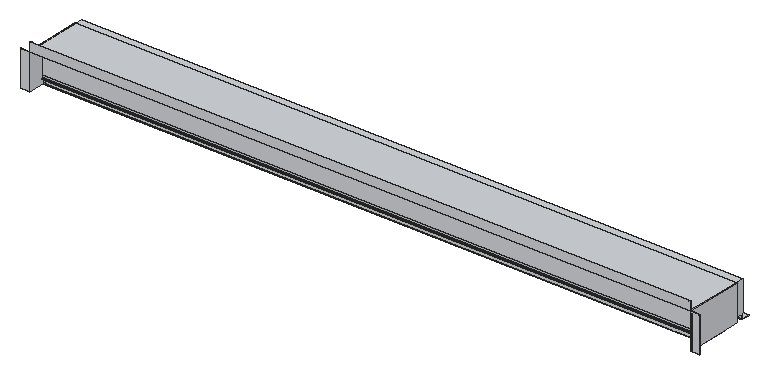
Revit family "EOS2.0-R-P", category Lighting Fixtures, host Face, Revit 2018
Family settings
  Host = Face
  Round Connector Dimension = Use Diameter
  Part Type = Normal
  Cut with Voids When Loaded = No
  Light Source = Yes
  Shared = Yes
  Room Calculation Point = Yes
Parameters (values of type "4' Direct")
  Wattage = 17.6471 W
  built-in parameter 1150110 = 1 (stored number, unit not read)
  Voltage = 0 V
  built-in parameter 1114217 = 1 (stored number, unit not read)
  built-in parameter 1150109 = 1 (stored number, unit not read)
  built-in parameter 1150134 = 12
  Switch Leg Visibility = yes
  Switch Leg [instance] = ""
  built-in parameter 1150113 = 1 (stored number, unit not read)
  Regress = 0' - 1"
  Material [instance] = LUX ILLUMINAIRE White
  built-in parameter 1150105 = 477.46 (stored number, unit not read)
  Lumens = 1500 lm
  built-in parameter 1150115 = 1 (stored number, unit not read)
  Light Source Symbol Size = 2' - 0"
  built-in parameter 1150137 = (empty or 0)
  built-in parameter 1150139 = (empty or 0)
  built-in parameter 1150112 = 1 (stored number, unit not read)
  built-in parameter 1150114 = 1 (stored number, unit not read)
  Lamp = "LED"
  built-in parameter 1150132 = 2
  built-in parameter 1150102 = (empty or 0)
  built-in parameter 1150107 = 4000 (stored number, unit not read)
  built-in parameter 1150138 = (empty or 0)
  built-in parameter 1150106 = 4.7746 (stored number, unit not read)
  Fixture Width = 0' - 2 75/128"  # constant formula
  Fixture Symbol Visiblity = yes
  Fixture Length = 3' - 11.99869"
  Fixture Height = 0' 3 11/16" + Regress  # 0' - 4 11/16"
  End Cap Right [instance] = yes
  End Cap Left [instance] = yes
  Emit from Rectangle Width = Fixture Width - 0' 0 5/8"  # 0' - 1 123/128"
  Emit from Rectangle Length = Fixture Length  # 3' - 11.99869"
  Emit Shape Visible in Rendering = yes
  Emergency Lighting [instance] = no
  built-in parameter 1150104 = 7.8968 (stored number, unit not read)
  Dimming Lamp Color Temperature Shift = <None>
  Default Elevation = 7' - 0"
  Color Filter = 16777215
  built-in parameter 1140040 [instance] = 1
  built-in parameter 1114218 = 1 (stored number, unit not read)
  built-in parameter 1150133 = 10 (stored number, unit not read)
  Apparent Load = 13.7 VA
Types (6): name | Wattage | built-in parameter 1150105 | Lumens | built-in parameter 1150106 | Fixture Length | Emit from Rectangle Length | Apparent Load
  3' Direct | 1.47059 W | 39.789 (stored number, unit not read) | 125 lm | 0.39789 (stored number, unit not read) | 3' - 0" | 3' - 0" | 10.3 VA
  4' Direct | 17.6471 W | 477.46 (stored number, unit not read) | 1500 lm | 4.7746 (stored number, unit not read) | 3' - 11.99869" | 3' - 11.99869" | 13.7 VA
  5' Direct | 22.0588 W | 596.83 (stored number, unit not read) | 1875 lm | 5.9683 (stored number, unit not read) | 5' - 0" | 5' - 0" | 17.1 VA
  6' Direct | 26.4706 W | 716.2 (stored number, unit not read) | 2250 lm | 7.162 (stored number, unit not read) | 6' - 0" | 6' - 0" | 20.6 VA
  7' Direct | 30.8824 W | 835.56 (stored number, unit not read) | 2625 lm | 8.3556 (stored number, unit not read) | 7' - 0" | 7' - 0" | 24 VA
  8' Direct | 35.2941 W | 954.93 (stored number, unit not read) | 3000 lm | 9.5493 (stored number, unit not read) | 8' - 0" | 8' - 0" | 27.4 VA
Reference planes (in)
  plane 1 "Center (Front/Back)": y = 0
  plane 2: z = 0
  plane 3 "Center (Left/Right)": x = 0
  plane 4: x = 23.99935
  plane 5: x = -23.99935
  plane 6: z = 1
  plane 7: x = 24.25261
  plane 8: x = -24.25065
  plane 9: z = 2.58594
  plane 10 "Fixture Height": y = 4.6875
  plane 11 "Center L/S": y = 1
Forms (in)
  Extrusion 1, solid, not visible
    sketch origin (0, 0, 0) x (1, 0, 0) y (0, 1, 0)
      loop
        circle (0.00029, -24) r 0.1875
    from 0 to 1
  Extrusion 2, solid, not visible
    sketch origin (0, 0, 0) x (1, 0, 0) y (0, 1, 0)
      loop
        circle (0.0005, -24) r 0.03125
    from 1 to 13.33203
  Extrusion 3, solid, not visible
    sketch origin (0, 0, 0) x (1, 0, 0) y (0, 1, 0)
      loop
        circle (0.0005, -24) r 0.18729
    from 13.33203 to 14.08203
  Extrusion 4, solid
    sketch origin (0, 0.04726, -0.00154) x (0, 1, 0) y (0, 0, 1)
      loop
        line (0.95274, 2.58748) -> (0.95274, 2.50751) -> (1.0386, 2.50751) -> (1.02063, 2.35592) -> (1.02063, 0.61759) -> (1.03865, 0.46499) -> (0.95274, 0.46499) -> (0.95274, 0.38499) -> (1.10973, 0.38499) -> (1.10973, 0.03)
        arc (1.10973, 0.03) -> (1.11851, 0.00879) -> (1.13973, 0) r 0.03
        line (1.13973, 0) -> (2.97267, 0)
        arc (2.97267, 0) -> (3.04053, 0.0281) -> (3.06867, 0.09594) r 0.096
        line (3.06867, 0.09594) -> (3.06867, 0.289)
        arc (3.06867, 0.289) -> (3.08273, 0.32294) -> (3.11667, 0.337) r 0.048
        line (3.11667, 0.337) -> (4.48733, 0.337)
        arc (4.48733, 0.337) -> (4.52127, 0.32294) -> (4.53533, 0.289) r 0.048
        line (4.53533, 0.289) -> (4.53533, 0.09609)
        arc (4.53533, 0.09609) -> (4.56341, 0.02815) -> (4.63133, 0) r 0.096
        line (4.63133, 0) -> (5.13133, 0) -> (5.13133, 0.048) -> (4.63133, 0.048)
        arc (4.63133, 0.048) -> (4.59739, 0.06206) -> (4.58333, 0.096) r 0.048
        line (4.58333, 0.096) -> (4.58333, 0.385) -> (4.64024, 0.385) -> (4.64024, 2.58748) -> (0.95274, 2.58748)
    from -23.99935 to 23.99935
  Extrusion 5, solid
    sketch origin (0, 0, 0) x (0, 1, 0) y (0, 0, 1)
      loop
        line (4.1, 2.63394) -> (0, 2.63394) -> (0, 3.24894) -> (-0.048, 3.24894) -> (-0.048, 2.58594) -> (4.1, 2.58594) -> (4.1, 2.63394)
    from -23.99935 to 23.99935
  Extrusion 6, solid, visible <- "End Cap Left"
    sketch origin (0, 0, 0) x (1, 0, 0) y (0, 1, 0)
      loop
        line (-23.99935, -0.048) -> (-23.99935, 4.10044) -> (-24.04622, 4.10044) -> (-24.04622, 0) -> (-24.6556, 0) -> (-24.6556, -0.048) -> (-23.99935, -0.048)
    from 0 to 2.58594
  Extrusion 7, solid, visible <- "End Cap Right"
    sketch origin (0, 0, 0) x (-1, 0, 0) y (0, -1, 0)
      loop
        line (-23.99935, 0.048) -> (-24.6556, 0.048) -> (-24.6556, 0) -> (-24.04622, 0) -> (-24.04622, -4.10044) -> (-23.99935, -4.10044) -> (-23.99935, 0.048)
    from 0 to 2.58594
Lines and regions (in)
  symbolic lines, visible <- "Fixture Symbol Visiblity"
    curve 1: line (23.99935, 0, 2.58594) -> (-23.99935, 0, 2.58594)
    curve 2: line (23.99935, 0, 0.09334) -> (23.99935, 0, 2.58594)
    curve 3: line (-23.99935, 0, 0.09334) -> (23.99935, 0, 0.09334)
    curve 4: line (-23.99935, 0, 2.58594) -> (-23.99935, 0, 0.09334)
Dimensions and locks (in)
  plane 5 to plane 4 = 3' - 11.99869"
  plane 4 to plane 5 = 3' - 11.99869"
  equal spacing: plane 4, plane 3 "Center (Left/Right)", plane 5
  "Fixture Length": plane 4 to plane 5
  plane 7 to plane 4 = 0' - 0.25327"
  plane 5 to plane 8 = 0' - 0.25131"
  plane 9 to level = 0' - 2 75/128"
  "Fixture Width": level to plane 9
  "Fixture Height": plane 10 "Fixture Height" to plane 1 "Center (Front/Back)"
  locked: plane 10 "Fixture Height" to plane 11 "Center L/S" at 3.6875
  locked: Extrusion 4 to imposter light at 0.04026
  aligned and locked: plane 2 to host face
  aligned and locked: level to host face
  aligned and locked: plane 5 to curve 4
  aligned and locked: curve 2 to plane 4
  aligned and locked: plane 4 to nested 1
  aligned and locked: nested 1 to plane 5
  aligned and locked: nested 1 to plane 9
  aligned and locked: curve 1 to plane 9
  aligned and locked: Extrusion 4 to plane 5
  aligned and locked: plane 4 to Extrusion 4
  aligned and locked: Extrusion 4 sketch curve to plane 10 "Fixture Height"
  aligned and locked: plane 11 "Center L/S" to Extrusion 4
  aligned and locked: plane 11 "Center L/S" to Extrusion 4 sketch curve
  aligned and locked: Extrusion 4 sketch curve to plane 11 "Center L/S"
  aligned and locked: plane 4 to Extrusion 5
  aligned and locked: Extrusion 5 to plane 5
  aligned and locked: plane 9 to Extrusion 6
  aligned and locked: Extrusion 4 sketch curve to plane 9
  aligned and locked: plane 9 to Extrusion 7
  aligned and locked: plane 9 to Extrusion 5 sketch curve
Automatic sketch dimensions
  level to curve 4 = 0' - 0.09334"
  host sketch curve to host sketch curve = 8' - 0"  (x2)
  plane 1 "Center (Front/Back)" to Extrusion 6 sketch curve = 0' - 0"
  Extrusion 6 sketch curve to plane 5 = 0' - 0"
  Extrusion 6 sketch curve to plane 5 = 0' - 0 3/64"
  Extrusion 6 sketch curve to plane 8 = 0' - 0.40494"
  plane 1 "Center (Front/Back)" to Extrusion 6 sketch curve = 0' - 0.048"
  plane 10 "Fixture Height" to Extrusion 6 sketch curve = 0' - 0.58706"
  Extrusion 7 sketch curve to plane 1 "Center (Front/Back)" = 0' - 0"
  Extrusion 7 sketch curve to plane 1 "Center (Front/Back)" = 0' - 0.048"
  Extrusion 7 sketch curve to plane 7 = 0' - 0.40298"
  Extrusion 7 sketch curve to plane 4 = 0' - 0 3/64"
  plane 4 to Extrusion 7 sketch curve = 0' - 0"
  Extrusion 7 sketch curve to plane 10 "Fixture Height" = 0' - 0.58707"
  Extrusion 4 sketch curve to Extrusion 4 sketch curve = 0' - 0"  (x17)
  Extrusion 4 sketch curve to plane 11 "Center L/S" = 0' - 0.06789"
  Extrusion 4 sketch curve to Extrusion 4 sketch curve = 0' - 0.08586"
  Extrusion 4 sketch curve to Extrusion 4 sketch curve = 0' - 0.08592"
  Extrusion 4 sketch curve to Extrusion 4 sketch curve = 0' - 0.07107"
  Extrusion 4 sketch curve to Extrusion 4 sketch curve = 0' - 0.03"
  level to Extrusion 4 sketch curve = 0' - 0.09446"
  plane 10 "Fixture Height" to Extrusion 4 sketch curve = 0' - 1.66757"
  Extrusion 4 sketch curve to Extrusion 4 sketch curve = 0' - 0.096"  (x2)
  Extrusion 4 sketch curve to Extrusion 4 sketch curve = 0' - 0.048"  (x2)
  plane 10 "Fixture Height" to Extrusion 4 sketch curve = 0' - 0.15291"
  plane 10 "Fixture Height" to Extrusion 4 sketch curve = 0' - 0.10491"
  Extrusion 4 sketch curve to Extrusion 4 sketch curve = 0' - 0.05691"
  plane 10 "Fixture Height" to Extrusion 4 sketch curve = 0' - 0.00891"
  Extrusion 4 sketch curve to level = 0' - 0.00154"
  Extrusion 4 sketch curve to plane 10 "Fixture Height" = 0' - 0.49109"
  level to Extrusion 4 sketch curve = 0' - 0.02846"
  level to Extrusion 4 sketch curve = 0' - 0.04646"
  level to Extrusion 4 sketch curve = 0' - 0.0944"
  Extrusion 4 sketch curve to Extrusion 4 sketch curve = 0' - 0.00009"
  Extrusion 4 sketch curve to Extrusion 4 sketch curve = 0' - 0.19291"
  Extrusion 4 sketch curve to Extrusion 4 sketch curve = 0' - 0.19306"
  Extrusion 4 sketch curve to Extrusion 4 sketch curve = 0' - 0.35499"
  Extrusion 4 sketch curve to Extrusion 4 sketch curve = 0' - 0.08"
  Extrusion 4 sketch curve to Extrusion 4 sketch curve = 0' - 0.1526"
  Extrusion 4 sketch curve to plane 9 = 0' - 0.23156"
  Extrusion 4 sketch curve to plane 9 = 0' - 0.07997"
  Extrusion 5 sketch curve to plane 1 "Center (Front/Back)" = 0' - 0"
  plane 1 "Center (Front/Back)" to Extrusion 5 sketch curve = 0' - 0.048"
  plane 10 "Fixture Height" to Extrusion 5 sketch curve = 0' - 0.5875"
  plane 9 to Extrusion 5 sketch curve = 0' - 0.048"
  Extrusion 5 sketch curve to Extrusion 5 sketch curve = 0' - 0.615"
  radius of Extrusion 1 sketch curve = 0' - 0 3/16"
  radius of Extrusion 2 sketch curve = 0' - 0 1/32"
  radius of Extrusion 3 sketch curve = 0' - 0.18729"
Nested families (in)
  nested 1: "Emergency Symbol Rectangle" at (0.00065, 0, -9.57974) x (-1, 0, 0) z (0, -1, 0), visible <- "Emergency Lighting", type "Emergency Symbol Rectangle"
    with Width 0' - 8.83136", Length 3' - 11.99869"
Definition of nested family "Emergency Symbol Rectangle"
  Parameters (values of type "Emergency Symbol Rectangle")
    Width [instance] = 0' - 8 1/2"
    Length [instance] = 5' - 0"
    Emergency Visibility = no
  Reference planes (in)
    plane 1 "Center (Front/Back)": y = -7.75
    plane 2: z = 0
    plane 3 "Center (Left/Right)": x = -24
    plane 4: x = 24
    plane 5: x = -36
    plane 6: y = -3.5
    plane 7: y = -12
  Lines and regions (in)
    Filled region 1, type "Solid Fill - Black", in view "Ref. Level", detail levels coarse+medium
      outline origin (0, 0.25, 0) x (1, 0, 0) y (0, 1, 0)
        loop
          line (-36, -12.25) -> (24, -12.25) -> (-36, -10.125) -> (-36, -12.25)
  Dimensions and locks (in)
    equal spacing: plane 7, plane 1 "Center (Front/Back)", plane 6
    "Width": plane 7 to plane 6
    "Length": plane 5 to plane 4
    aligned and locked: plane 5 to Filled region 1
  Automatic sketch dimensions
    plane 1 "Center (Front/Back)" to Filled region 1 sketch curve = 0' - 2 1/8"
    Filled region 1 sketch curve to plane 3 "Center (Left/Right)" = 1' - 0"
    Filled region 1 sketch curve to plane 4 = 0' - 0"
    Filled region 1 sketch curve to plane 7 = 0' - 0"
